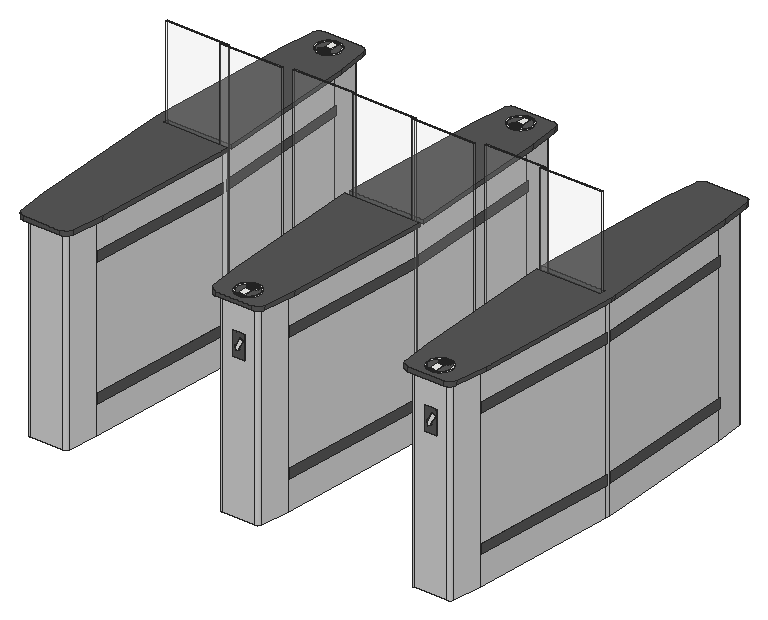
Revit family "ST-02", category Generic Models, Revit 2019
Family settings
  Can host rebar = No
  Round Connector Dimension = Use Diameter
  Part Type = Normal
  Work Plane-Based = No
  Always vertical = Yes
  Cut with Voids When Loaded = No
  Shared = No
  Room Calculation Point = No
Parameters (values of type "2 passes")
  Width6b [instance] = Width1 + Width2a + Width3a + Width4a + Width5a + Width6a  # 1964 mm
  Width6a [instance] = if(Number of passes fact > 5, Width6, 0 mm)  # 0 mm
  Width6 [instance] = if(and(Pass type 6 = Type1, Type s 6 = Sashtype1), 982 mm, if(and(Pass type 6 = Type1, or(Type s 6 = Sashtype2, Type s 6 = Sashtype3)), 1057 mm, 1432 mm))  # 982 mm
  Width5a [instance] = if(Number of passes fact > 4, Width5, 0 mm)  # 0 mm
  Width5 [instance] = if(and(Pass type 5 = Type1, and(Type s 5 = Sashtype1, Type s 6 = Sashtype1)), 982 mm, if(and(Pass type 5 = Type1, and(or(Type s 5 = Sashtype2, Type s 5 = Sashtype3), or(Type s 6 = Sashtype2, Type s 6 = Sashtype3))), 1132 mm, if(and(Pass type 5 = Type1, or(or(Type s 5 = Sashtype2, Type s 5 = Sashtype3), or(Type s 6 = Sashtype2, Type s 6 = Sashtype3))), 1057 mm, 1432 mm)))  # 982 mm
  Width4a [instance] = if(Number of passes fact > 3, Width4, 0 mm)  # 0 mm
  Width4 [instance] = if(and(Pass type 4 = Type1, and(Type s 4 = Sashtype1, Type s 5 = Sashtype1)), 982 mm, if(and(Pass type 4 = Type1, and(or(Type s 4 = Sashtype2, Type s 4 = Sashtype3), or(Type s 5 = Sashtype2, Type s 5 = Sashtype3))), 1132 mm, if(and(Pass type 4 = Type1, or(or(Type s 4 = Sashtype2, Type s 4 = Sashtype3), or(Type s 5 = Sashtype2, Type s 5 = Sashtype3))), 1057 mm, 1432 mm)))  # 982 mm
  Width3a [instance] = if(Number of passes fact > 2, Width3, 0 mm)  # 0 mm
  Width3 [instance] = if(and(Pass type 3 = Type1, and(Type s 3 = Sashtype1, Type s 4 = Sashtype1)), 982 mm, if(and(Pass type 3 = Type1, and(or(Type s 4 = Sashtype2, Type s 3 = Sashtype3), or(Type s 4 = Sashtype2, Type s 4 = Sashtype3))), 1132 mm, if(and(Pass type 3 = Type1, or(or(Type s 3 = Sashtype2, Type s 3 = Sashtype3), or(Type s 4 = Sashtype2, Type s 4 = Sashtype3))), 1057 mm, 1432 mm)))  # 982 mm
  Width2a [instance] = if(Number of passes fact > 1, Width2, 0 mm)  # 982 mm
  Width2 [instance] = if(and(Pass type 2 = Type1, and(Type s 2 = Sashtype1, Type s 3 = Sashtype1)), 982 mm, if(and(Pass type 2 = Type1, and(or(Type s 2 = Sashtype2, Type s 2 = Sashtype3), or(Type s 3 = Sashtype2, Type s 3 = Sashtype3))), 1132 mm, if(and(Pass type 2 = Type1, or(or(Type s 2 = Sashtype2, Type s 2 = Sashtype3), or(Type s 3 = Sashtype2, Type s 3 = Sashtype3))), 1057 mm, 1432 mm)))  # 982 mm
  Width1 [instance] = if(and(Pass type 1 = Type1, Type s 2 = Sashtype1), 982 mm, if(and(Pass type 1 = Type1, or(Type s 2 = Sashtype2, Type s 2 = Sashtype3)), 1057 mm, 1432 mm))  # 982 mm
  Sashtype3 [instance] = For 600 900  # Section Bilateral-STD02 600/900 : Section Bilateral-STD02 600/900
  Sashtype2s [instance] = Section Slave-ST02 900 : Section Slave-ST02 900
  Sashtype2m [instance] = Section Master-ST02 900 : Section Master-ST02 900
  Sashtype2 [instance] = Section Bilateral-STD02 900 : Section Bilateral-STD02 900
  Sashtype1s [instance] = Section Slave-ST02 600 : Section Slave-ST02 600
  Sashtype1m [instance] = Section Master-ST02 600 : Section Master-ST02 600
  Sashtype1 [instance] = Section Bilateral-STD02 600 : Section Bilateral-STD02 600
  Type s 77 [instance] = if(Sash type 6 = TypeS2, Sashtype2s, Sashtype1s)  # Section Slave-ST02 600 : Section Slave-ST02 600
  Type s 76 [instance] = if(Sash type 5 = TypeS2, Sashtype2s, Sashtype1s)  # Section Slave-ST02 600 : Section Slave-ST02 600
  Type s 75 [instance] = if(Sash type 4 = TypeS2, Sashtype2s, Sashtype1s)  # Section Slave-ST02 600 : Section Slave-ST02 600
  Type s 73 [instance] = if(Sash type 2 = TypeS2, Sashtype2s, Sashtype1s)  # Section Slave-ST02 600 : Section Slave-ST02 600
  Type s 74 [instance] = if(Sash type 3 = TypeS2, Sashtype2s, Sashtype1s)  # Section Slave-ST02 600 : Section Slave-ST02 600
  Type s 1 [instance] = if(Sash type 1 = TypeS2, Sashtype2m, Sashtype1m)  # Section Master-ST02 600 : Section Master-ST02 600
  Type s 72 [instance] = if(Sash type 1 = TypeS2, Sashtype2s, Sashtype1s)  # Section Slave-ST02 600 : Section Slave-ST02 600
  Type s 6 [instance] = if(and(Sash type 5 = TypeS2, Sash type 6 = TypeS2), Sashtype2, if(or(Sash type 5 = TypeS2, Sash type 6 = TypeS2), Sashtype3, Sashtype1))  # Section Bilateral-STD02 600 : Section Bilateral-STD02 600
  Type s 5 [instance] = if(and(Sash type 4 = TypeS2, Sash type 5 = TypeS2), Sashtype2, if(or(Sash type 4 = TypeS2, Sash type 5 = TypeS2), Sashtype3, Sashtype1))  # Section Bilateral-STD02 600 : Section Bilateral-STD02 600
  Type s 4 [instance] = if(and(Sash type 3 = TypeS2, Sash type 4 = TypeS2), Sashtype2, if(or(Sash type 3 = TypeS2, Sash type 4 = TypeS2), Sashtype3, Sashtype1))  # Section Bilateral-STD02 600 : Section Bilateral-STD02 600
  Type s 3 [instance] = if(and(Sash type 2 = TypeS2, Sash type 3 = TypeS2), Sashtype2, if(or(Sash type 2 = TypeS2, Sash type 3 = TypeS2), Sashtype3, Sashtype1))  # Section Bilateral-STD02 600 : Section Bilateral-STD02 600
  Type s 2 [instance] = if(and(Sash type 1 = TypeS2, Sash type 2 = TypeS2), Sashtype2, if(or(Sash type 1 = TypeS2, Sash type 2 = TypeS2), Sashtype3, Sashtype1))  # Section Bilateral-STD02 600 : Section Bilateral-STD02 600
  TypeS2 [instance] = Sash for ST-02 : Sash 470
  TypeS1 [instance] = Sash for ST-02 : Sash 320
  Type2 [instance] = Pass : Pass 900
  Type1 [instance] = Pass : Pass 600
  Sash type 6 [instance] = if(Pass type 6 = Type1, TypeS1, if(Pass type 6 = Type2, TypeS2, TypeS1))  # Sash for ST-02 : Sash 320
  Sash type 5 [instance] = if(Pass type 5 = Type1, TypeS1, if(Pass type 5 = Type2, TypeS2, TypeS1))  # Sash for ST-02 : Sash 320
  Sash type 4 [instance] = if(Pass type 4 = Type1, TypeS1, if(Pass type 4 = Type2, TypeS2, TypeS1))  # Sash for ST-02 : Sash 320
  Sash type 3 [instance] = if(Pass type 3 = Type1, TypeS1, if(Pass type 3 = Type2, TypeS2, TypeS1))  # Sash for ST-02 : Sash 320
  Sash type 2 [instance] = if(Pass type 2 = Type1, TypeS1, if(Pass type 2 = Type2, TypeS2, TypeS1))  # Sash for ST-02 : Sash 320
  Sash type 1 [instance] = if(Pass type 1 = Type1, TypeS1, if(Pass type 1 = Type2, TypeS2, TypeS1))  # Sash for ST-02 : Sash 320
  Voltage = 24 V
  URL = "https://www.perco.com/products/st-02-speed-gate-with-standard-sliding-panels.php"
  Throughput rate [instance] = if(Number of passes fact = 1, " to 60 persons/min", if(Number of passes fact = 2, " to 120 persons/min", if(Number of passes fact = 3, " to 180 persons/min", if(Number of passes fact = 4, " to 240 persons/min", if(Number of passes fact = 5, " to 300 persons/min", if(Number of passes fact = 6, " to 360 persons/min", "0"))))))  # " to 120 persons/min"
  Rated power = 160 W
  Pass type 6 [instance] = Pass : Pass 600
  Pass type 5 [instance] = Pass : Pass 600
  Pass type 4 [instance] = Pass : Pass 600
  Pass type 3 [instance] = Pass : Pass 600
  Pass type 2 [instance] = Pass : Pass 600
  Pass type 1 [instance] = Pass : Pass 600
  Last section type [instance] = if(Number of passes fact = 1, Type s 72, if(Number of passes fact = 2, Type s 73, if(Number of passes fact = 3, Type s 74, if(Number of passes fact = 4, Type s 75, if(Number of passes fact = 5, Type s 76, if(Number of passes fact = 6, Type s 77, Type s 77))))))  # Section Slave-ST02 600 : Section Slave-ST02 600
  Sash6 [instance] = if(or(Sash type 5 = TypeS2, Sash type 6 = TypeS2), TypeS2, TypeS1)  # Sash for ST-02 : Sash 320
  Sash5 [instance] = if(or(Sash type 4 = TypeS2, Sash type 5 = TypeS2), TypeS2, TypeS1)  # Sash for ST-02 : Sash 320
  Sash4 [instance] = if(or(Sash type 3 = TypeS2, Sash type 4 = TypeS2), TypeS2, TypeS1)  # Sash for ST-02 : Sash 320
  Sash3 [instance] = if(or(Sash type 2 = TypeS2, Sash type 3 = TypeS2), TypeS2, TypeS1)  # Sash for ST-02 : Sash 320
  Sash2 [instance] = if(or(Sash type 1 = TypeS2, Sash type 2 = TypeS2), TypeS2, TypeS1)  # Sash for ST-02 : Sash 320
  P7 [instance] = if(Type s 72 = Sashtype1s, 311 mm, 386 mm)  # 311 mm
  P6 [instance] = if(Type s 6 = Sashtype1, 311 mm, 386 mm)  # 311 mm
  P5 [instance] = if(Type s 5 = Sashtype1, 311 mm, 386 mm)  # 311 mm
  P4 [instance] = if(Type s 4 = Sashtype1, 311 mm, 386 mm)  # 311 mm
  P3 [instance] = if(Type s 3 = Sashtype1, 311 mm, 386 mm)  # 311 mm
  P2 [instance] = if(Type s 2 = Sashtype1, 311 mm, 386 mm)  # 311 mm
  P1 [instance] = if(Type s 1 = Sashtype1m, 311 mm, 386 mm)  # 311 mm
  Number of passes type = 2
  Number of passes fact [instance] = if(Number of passes type = 1, 1, if(Number of passes type = 2, 2, Number of passes))  # 2
  Number of passes [instance] = 3
  For 600 900 = Section Bilateral-STD02 600/900 : Section Bilateral-STD02 600/900
  Sh6 [instance] = Number of passes fact > 5  # no
  Sh5 [instance] = Number of passes fact > 4  # no
  Sh4 [instance] = Number of passes fact > 3  # no
  Sh3 [instance] = Number of passes fact > 2  # no
  Sh2 [instance] = Number of passes fact > 1  # yes
  Note = ""
  Name = "ST-02 Speed Gate"  # constant formula
  Manufacturer = "PERCo"  # constant formula
  Full name = "ST-02 Speed Gate"  # constant formula
Reference planes
  plane 1 "По центру (Вперед/Назад)": y = 0
  plane 2: z = 0
  plane 3 "По центру (Влево/Вправо)": x = 0
  plane 4: x = 982
  plane 5: x = 1964
  plane 6: x = 1964
  plane 7: x = 1964
  plane 8: x = 1964
  plane 9: x = 1964
  plane 10: x = 311
  plane 11: x = 671
  plane 12: x = 1293
  plane 13: x = 1653
  plane 14: x = 2275
  plane 15: x = 1653
  plane 16: x = 2275
  plane 17: x = 1653
  plane 18: x = 2275
  plane 19: x = 1653
  plane 20: x = 2275
  plane 21: x = 1653
  plane 22: x = 491
Lines and regions (mm)
  model lines
    curve 1: line (0, 0, 0) -> (0, 0, 180)
    curve 2: line (982, 0, 0) -> (982, 0, 180)
    curve 3: line (1964, 0, 0) -> (1964, 0, 180)
    curve 4: line (1964, 0, 0) -> (1964, 0, 180)
    curve 5: line (1964, 0, 0) -> (1964, 0, 180)
    curve 6: line (1964, 0, 0) -> (1964, 0, 180)
    curve 7: line (1964, 0, 0) -> (1964, 0, 180)
Dimensions and locks
  "P7": plane 9 to plane 21
  "Width1": plane 3 "По центру (Влево/Вправо)" to plane 4
  "Width2a": plane 4 to plane 5
  "Width3a": plane 5 to plane 6
  "Width4a": plane 6 to plane 7
  "Width5a": plane 7 to plane 8
  "Width6b": plane 3 "По центру (Влево/Вправо)" to plane 9
  "P1": plane 10 to plane 3 "По центру (Влево/Вправо)"
  "P3": plane 14 to plane 5 to plane 13
  "P4": plane 16 to plane 6 to plane 15
  "P5": plane 18 to plane 7 to plane 17
  "P6": plane 20 to plane 8 to plane 19
  "P2": plane 4 to plane 11
  "P2": plane 12 to plane 4
  equal spacing: plane 3 "По центру (Влево/Вправо)", plane 22, plane 4
  aligned and locked: level to plane 2
  aligned and locked: plane 3 "По центру (Влево/Вправо)" to nested 1
  aligned and locked: plane 4 to nested 2
  aligned and locked: plane 5 to nested 3
  aligned and locked: plane 6 to nested 4
  aligned and locked: plane 7 to nested 5
  aligned and locked: plane 8 to nested 6
  aligned and locked: plane 9 to nested 7
  aligned and locked: nested 8 to plane 10
  aligned and locked: plane 20 to nested 13
  aligned and locked: plane 18 to nested 12
  aligned and locked: plane 16 to nested 11
  aligned and locked: plane 21 to nested 15
  aligned and locked: plane 19 to nested 16
  aligned and locked: plane 17 to nested 17
  aligned and locked: plane 15 to nested 18
  aligned and locked: plane 13 to nested 19
  aligned and locked: plane 14 to nested 10
  aligned and locked: plane 11 to nested 14
  aligned and locked: plane 12 to nested 9
  aligned and locked: plane 3 "По центру (Влево/Вправо)" to curve 1
  aligned and locked: plane 4 to curve 2
  aligned and locked: plane 5 to curve 3
  aligned and locked: plane 6 to curve 4
  aligned and locked: plane 7 to curve 5
  aligned and locked: plane 8 to curve 6
  aligned and locked: plane 9 to curve 7
  aligned and locked: plane 22 to nested 20
Automatic sketch dimensions
  curve 1 to level = 0 mm
  curve 6 to level = 0 mm
  curve 2 to level = 0 mm
  curve 5 to level = 0 mm
  curve 3 to level = 0 mm
  curve 4 to level = 0 mm
  curve 7 to level = 0 mm
  level to curve 2 = 180 mm
  level to curve 5 = 180 mm
  level to curve 1 = 180 mm
  level to curve 6 = 180 mm
  level to curve 4 = 180 mm
  level to curve 3 = 180 mm
  level to curve 7 = 180 mm
Nested families
  nested 1: "Section Master-ST02 600" at (0, 0, 0), type <- "Type s 1", type "Section Master-ST02 600"
  nested 2: "Section Bilateral-STD02 600" at (982, 0, 0), visible <- "Sh2", type <- "Type s 2", type "Section Bilateral-STD02 600"
  nested 3: "Section Bilateral-STD02 600" at (1964, 0, 0), visible <- "Sh3", type <- "Type s 3", type "Section Bilateral-STD02 600"
  nested 4: "Section Bilateral-STD02 600" at (1964, 0, 0), visible <- "Sh4", type <- "Type s 4", type "Section Bilateral-STD02 600"
  nested 5: "Section Bilateral-STD02 600" at (1964, 0, 0), visible <- "Sh5", type <- "Type s 5", type "Section Bilateral-STD02 600"
  nested 6: "Section Bilateral-STD02 600" at (1964, 0, 0), visible <- "Sh6", type <- "Type s 6", type "Section Bilateral-STD02 600"
  nested 7: "Section Slave-ST02 600" at (1964, 0, 0), type <- "Last section type", type "Section Slave-ST02 600"
  nested 8: "Sash for ST-02" at (311, -10, 250), type <- "Sash type 1", type "Sash 320"
  nested 9: "Sash for ST-02" at (1293, -10, 250), visible <- "Sh2", type <- "Sash type 2", type "Sash 320"
  nested 10: "Sash for ST-02" at (2275, -10, 250), visible <- "Sh3", type <- "Sash type 3", type "Sash 320"
  nested 11: "Sash for ST-02" at (2275, -10, 250), visible <- "Sh4", type <- "Sash type 4", type "Sash 320"
  nested 12: "Sash for ST-02" at (2275, -10, 250), visible <- "Sh5", type <- "Sash type 5", type "Sash 320"
  nested 13: "Sash for ST-02" at (2275, -10, 250), visible <- "Sh6", type <- "Sash type 6", type "Sash 320"
  nested 14: "Sash for ST-02" at (671, 10, 250) x (-1, 0, 0) z (0, 0, 1), type <- "Sash type 1", type "Sash 320"
  nested 15: "Sash for ST-02" at (1653, 10, 250) x (-1, 0, 0) z (0, 0, 1), visible <- "Sh6", type <- "Sash type 6", type "Sash 320"
  nested 16: "Sash for ST-02" at (1653, 10, 250) x (-1, 0, 0) z (0, 0, 1), type <- "Sash type 5", visible <- "Sh5", type "Sash 320"
  nested 17: "Sash for ST-02" at (1653, 10, 250) x (-1, 0, 0) z (0, 0, 1), visible <- "Sh4", type <- "Sash type 4", type "Sash 320"
  nested 18: "Sash for ST-02" at (1653, 10, 250) x (-1, 0, 0) z (0, 0, 1), visible <- "Sh3", type <- "Sash type 3", type "Sash 320"
  nested 19: "Sash for ST-02" at (1653, 10, 250) x (-1, 0, 0) z (0, 0, 1), visible <- "Sh2", type <- "Sash type 2", type "Sash 320"
  nested 20: "Arrow" at (491, 840, 0), type "Arrow"
Connectors
  electrical at (0, 0, 0)
    settings: on curve 1, index 1, voltage 24 V, apparent load 204 VA, apparent load phase1 0 VA, apparent load phase2 0 VA, apparent load phase3 0 VA, power factor 1, load classification "Прочее", number of poles 1, system type 30, power factor state 1, is connector primary yes, connector utility no, sub classification motor no, connector description ""
  electrical at (982, 0, 0)
    settings: on curve 2, index 2, voltage 24 V, apparent load 204 VA, apparent load phase1 0 VA, apparent load phase2 0 VA, apparent load phase3 0 VA, power factor 1, load classification "Прочее", number of poles 1, system type 30, power factor state 1, is connector primary no, connector utility no, sub classification motor no, connector description ""
  electrical at (1964, 0, 0)
    settings: on curve 3, index 3, voltage 24 V, apparent load 204 VA, apparent load phase1 0 VA, apparent load phase2 0 VA, apparent load phase3 0 VA, power factor 1, load classification "Прочее", number of poles 1, system type 30, power factor state 1, is connector primary no, connector utility no, sub classification motor no, connector description ""
  electrical at (1964, 0, 0)
    settings: on curve 4, index 4, voltage 24 V, apparent load 204 VA, apparent load phase1 0 VA, apparent load phase2 0 VA, apparent load phase3 0 VA, power factor 1, load classification "Прочее", number of poles 1, system type 30, power factor state 1, is connector primary no, connector utility no, sub classification motor no, connector description ""
  electrical at (1964, 0, 0)
    settings: on curve 5, index 5, voltage 24 V, apparent load 204 VA, apparent load phase1 0 VA, apparent load phase2 0 VA, apparent load phase3 0 VA, power factor 1, load classification "Прочее", number of poles 1, system type 30, power factor state 1, is connector primary no, connector utility no, sub classification motor no, connector description ""
  electrical at (1964, 0, 0)
    settings: on curve 6, index 6, voltage 24 V, apparent load 204 VA, apparent load phase1 0 VA, apparent load phase2 0 VA, apparent load phase3 0 VA, power factor 1, load classification "Прочее", number of poles 1, system type 30, power factor state 1, is connector primary no, connector utility no, sub classification motor no, connector description ""
  electrical at (1964, 0, 0)
    settings: on curve 7, index 7, voltage 24 V, apparent load 204 VA, apparent load phase1 0 VA, apparent load phase2 0 VA, apparent load phase3 0 VA, power factor 1, load classification "Прочее", number of poles 1, system type 30, power factor state 1, is connector primary no, connector utility no, sub classification motor no, connector description ""
Definition of nested family "Section Master-ST02 600"
  Parameters (values of type "Section Master-ST02 600")
    Section width = 382 mm
    Bottom Width = Section width - 60 mm  # 322 mm
    Throughput rate = "60 persons/min"
    Operating temperature = "from +1°С to +50°С"
    Electrical connection = "220 V"
    Top [instance] = yes
    URL = "https://www.perco.com/products/st-02-speed-gate-with-standard-sliding-panels.php"
    Manufacturer = "PERCo"  # constant formula
    Dimensions = "1923×1364×1482 mm with 600 mm sliding panels"
    Current = "8,5 A"
    Rated power = "204 W"
    Operating voltage = "24 V DC"
    Name = "ST-02 Speed gate"
    Full name = "ST-02 Speed Gate"
    Material = "Sections – stainless steel.\r\nTop covers, sliding panels, filler panels – 10 mm tempered glass."
    Weight = "from 424 kg"
    Number = 1
    Unit of measurement = "pcs"
  Reference planes
    plane 1 "По центру (Вперед/Назад)": y = 0
    plane 2: z = 0
    plane 3 "По центру (Влево/Вправо)": x = 0
    plane 4: x = -191
    plane 5: x = 191
    plane 6: x = -161
    plane 7: x = 161
  Forms (mm)
    Extrusion 1, solid
      sketch origin (0, 0, 0) x (1, 0, 0) y (0, 1, 0)
        loop
          line (-83.166, -931.5) -> (83.166, -931.5)
          arc (83.166, -931.5) -> (96.374, -926.519) -> (103.002, -914.056) r 20
          arc (103.002, -914.056) -> (112.453, -837.397) -> (121.067, -760.641) r 7075.064
          line (121.067, -760.641) -> (-121.067, -760.641)
          arc (-121.067, -760.641) -> (-112.453, -837.397) -> (-103.002, -914.056) r 7075.064
          arc (-103.002, -914.056) -> (-96.374, -926.519) -> (-83.166, -931.5) r 20
        loop
          arc (-83.166, 931.5) -> (-96.374, 926.519) -> (-103.002, 914.056) r 20
          arc (-103.002, 914.056) -> (-112.453, 837.397) -> (-121.067, 760.641) r 7075.064
          line (-121.067, 760.641) -> (121.067, 760.641)
          arc (121.067, 760.641) -> (112.453, 837.397) -> (103.002, 914.056) r 7075.064
          arc (103.002, 914.056) -> (96.374, 926.519) -> (83.166, 931.5) r 20
          line (83.166, 931.5) -> (-83.166, 931.5)
      from 0 to 1000
    Extrusion 2, solid
      sketch origin (0, 0, 0) x (1, 0, 0) y (0, 1, 0)
        loop
          arc (-121.067, 760.641) -> (-151.01, 385.851) -> (-161, 10) r 7075.064
          line (-161, 10) -> (-161, -10)
          arc (-161, -10) -> (-151.01, -385.851) -> (-121.067, -760.641) r 7075.064
          line (-121.067, -760.641) -> (121.067, -760.641)
          arc (121.067, -760.641) -> (151.01, -385.851) -> (161, -10) r 7075.064
          line (161, -10) -> (161, 10)
          arc (161, 10) -> (151.01, 385.851) -> (121.067, 760.641) r 7075.064
          line (121.067, 760.641) -> (-121.067, 760.641)
      from 0 to 1000
    Extrusion 3, void
      sketch origin (0, 0, 0) x (1, 0, 0) y (0, 1, 0)
        loop
          line (-136, 15) -> (-136, -15) -> (191, -15) -> (191, 15) -> (-136, 15)
      from 250 to 1000
    Extrusion 4, solid
      sketch origin (0, 0, 0) x (1, 0, 0) y (0, 1, 0)
        loop
          line (-191, 10) -> (-191, -10)
          arc (-191, -10) -> (-180.967, -387.445) -> (-150.898, -763.824) r 7105.064
          arc (-150.898, -763.824) -> (-141.209, -849.678) -> (-130.477, -935.407) r 7105.064
          arc (-130.477, -935.407) -> (-115.816, -954.335) -> (-92.972, -961.5) r 40
          line (-92.972, -961.5) -> (91.955, -961.5)
          arc (91.955, -961.5) -> (118.351, -951.553) -> (131.62, -926.661) r 40
          arc (131.62, -926.661) -> (141.729, -845.298) -> (150.898, -763.824) r 7105.064
          arc (150.898, -763.824) -> (180.834, -389.941) -> (190.998, -15) r 7105.064
          line (190.998, -15) -> (-136, -15) -> (-136, 15) -> (190.998, 15)
          arc (190.998, 15) -> (180.834, 389.941) -> (150.898, 763.824) r 7105.064
          arc (150.898, 763.824) -> (141.729, 845.298) -> (131.62, 926.661) r 7105.064
          arc (131.62, 926.661) -> (118.351, 951.553) -> (91.955, 961.5) r 40
          line (91.955, 961.5) -> (-91.955, 961.5)
          arc (-91.955, 961.5) -> (-118.351, 951.553) -> (-131.62, 926.661) r 40
          arc (-131.62, 926.661) -> (-141.729, 845.298) -> (-150.898, 763.824) r 7105.064
          arc (-150.898, 763.824) -> (-180.967, 387.445) -> (-191, 10) r 7105.064
      from 1000 to 1021
    Extrusion 5, solid
      sketch origin (0, 0, 0) x (1, 0, 0) y (0, 1, 0)
        loop
          line (-121.067, 760.641) -> (-126.095, 760.641)
          arc (-126.095, 760.641) -> (-155.884, 388.347) -> (-165.998, 15) r 7080.064
          line (-165.998, 15) -> (-160.998, 15)
          arc (-160.998, 15) -> (-150.876, 388.347) -> (-121.067, 760.641) r 7075.064
        loop
          line (160.998, 15) -> (165.998, 15)
          arc (165.998, 15) -> (155.884, 388.347) -> (126.095, 760.641) r 7080.064
          line (126.095, 760.641) -> (121.067, 760.641)
          arc (121.067, 760.641) -> (150.876, 388.347) -> (160.998, 15) r 7075.064
        loop
          line (-160.998, -15) -> (-165.998, -15)
          arc (-165.998, -15) -> (-155.884, -388.347) -> (-126.095, -760.641) r 7080.064
          line (-126.095, -760.641) -> (-121.067, -760.641)
          arc (-121.067, -760.641) -> (-150.876, -388.347) -> (-160.998, -15) r 7075.064
        loop
          line (121.067, -760.641) -> (126.095, -760.641)
          arc (126.095, -760.641) -> (155.884, -388.347) -> (165.998, -15) r 7080.064
          line (165.998, -15) -> (160.998, -15)
          arc (160.998, -15) -> (150.876, -388.347) -> (121.067, -760.641) r 7075.064
      from 800 to 850
    Extrusion 6, solid
      sketch origin (0, 0, 0) x (1, 0, 0) y (0, 1, 0)
        loop
          line (-121.067, 760.641) -> (-126.095, 760.641)
          arc (-126.095, 760.641) -> (-155.884, 388.347) -> (-165.998, 15) r 7080.064
          line (-165.998, 15) -> (-160.998, 15)
          arc (-160.998, 15) -> (-150.876, 388.347) -> (-121.067, 760.641) r 7075.064
        loop
          line (160.998, 15) -> (165.998, 15)
          arc (165.998, 15) -> (155.884, 388.347) -> (126.095, 760.641) r 7080.064
          line (126.095, 760.641) -> (121.067, 760.641)
          arc (121.067, 760.641) -> (150.876, 388.347) -> (160.998, 15) r 7075.064
        loop
          line (-160.998, -15) -> (-165.998, -15)
          arc (-165.998, -15) -> (-155.884, -388.347) -> (-126.095, -760.641) r 7080.064
          line (-126.095, -760.641) -> (-121.067, -760.641)
          arc (-121.067, -760.641) -> (-150.876, -388.347) -> (-160.998, -15) r 7075.064
        loop
          line (121.067, -760.641) -> (126.095, -760.641)
          arc (126.095, -760.641) -> (155.884, -388.347) -> (165.998, -15) r 7080.064
          line (165.998, -15) -> (160.998, -15)
          arc (160.998, -15) -> (150.876, -388.347) -> (121.067, -760.641) r 7075.064
      from 150 to 200
    Extrusion 7, solid, visible <- "Top"
      sketch origin (0, 41.5, 0) x (1, 0, 0) y (0, 1, 0)
        loop
          circle (0, 830) r 60
        loop
          circle (0, 830) r 55
        loop
          line (0, 874.437) -> (-15, 874.437) -> (-15, 824.437) -> (15, 824.437) -> (15, 874.437) -> (0, 874.437)
        loop
          arc (-15, 814.437) -> (-17.035, 813.838) -> (-16.435, 811.803) r 1.5
          arc (-16.435, 811.803) -> (0, 807.617) -> (16.435, 811.803) r 34.358
          arc (16.435, 811.803) -> (17.035, 813.838) -> (15, 814.437) r 1.5
          arc (15, 814.437) -> (0, 810.617) -> (-15, 814.437) r 31.358
        loop
          arc (22.354, 805.884) -> (0.116, 797.617) -> (-22.178, 805.734) r 34.358
          arc (-22.178, 805.734) -> (-24.391, 805.819) -> (-24.306, 803.606) r 1.509
          arc (-24.306, 803.606) -> (0.116, 794.617) -> (24.481, 803.757) r 37.358
          arc (24.481, 803.757) -> (24.567, 805.969) -> (22.354, 805.884) r 1.509
        loop
          arc (30.638, 797.6) -> (30.266, 799.688) -> (28.178, 799.316) r 1.5
          arc (28.178, 799.316) -> (0, 784.617) -> (-28.178, 799.316) r 34.358
          arc (-28.178, 799.316) -> (-30.266, 799.688) -> (-30.638, 797.6) r 1.5
          arc (-30.638, 797.6) -> (0, 781.617) -> (30.638, 797.6) r 37.358
      from 1021 to 1022
    Extrusion 8, solid
      sketch origin (0, 41.5, 0) x (1, 0, 0) y (0, 0, 1)
        loop
          line (0, 855) -> (-30, 855) -> (-30, 735) -> (30, 735) -> (30, 855) -> (0, 855)
        loop
          line (16.618, 786.68) -> (-6.856, 830.828) -> (-15.685, 826.133) -> (-24.515, 821.438) -> (-1.041, 777.291) -> (-5.456, 774.943) -> (16.181, 766.202) -> (21.033, 789.028) -> (16.618, 786.68)
      from -891 to -890
    Extrusion 9, solid
      sketch origin (0, 41.5, 0) x (1, 0, 0) y (0, 0, 1)
        loop
          line (-15.685, 826.133) -> (-24.515, 821.438) -> (-1.041, 777.291) -> (-5.456, 774.943) -> (16.181, 766.202) -> (21.033, 789.028) -> (16.618, 786.68) -> (-6.856, 830.828) -> (-15.685, 826.133)
      from -891 to -890
  Cuts and joins
    Extrusion 3 cuts Extrusion 2
  Dimensions and locks
    equal spacing: plane 4, plane 3 "По центру (Влево/Вправо)", plane 5
    "Section width": plane 4 to plane 5
    equal spacing: plane 6, plane 3 "По центру (Влево/Вправо)", plane 7
    "Bottom Width": plane 6 to plane 7
    aligned and locked: level to plane 2
    aligned and locked: Extrusion 2 to plane 6
    aligned and locked: plane 7 to Extrusion 2
    aligned and locked: Extrusion 4 to plane 4
  Automatic sketch dimensions
    Extrusion 2 sketch curve to plane 6 = 0 mm
    Extrusion 2 sketch curve to plane 7 = 0 mm
    plane 1 "По центру (Вперед/Назад)" to Extrusion 2 sketch curve = 10 mm  (x2)
    Extrusion 2 sketch curve to plane 4 = 6723.064 mm
    Extrusion 2 sketch curve to plane 1 "По центру (Вперед/Назад)" = 10 mm  (x2)
    Extrusion 2 sketch curve to Extrusion 2 sketch curve = 0 mm
    plane 6 to Extrusion 2 sketch curve = 39.933 mm  (x2)
    Extrusion 2 sketch curve to plane 7 = 39.933 mm  (x2)
    Extrusion 3 sketch curve to plane 5 = 0 mm
    plane 6 to Extrusion 3 sketch curve = 25 mm
    plane 1 "По центру (Вперед/Назад)" to Extrusion 3 sketch curve = 15 mm
    Extrusion 3 sketch curve to plane 1 "По центру (Вперед/Назад)" = 15 mm
    Extrusion 5 sketch curve to Extrusion 5 sketch curve = 0 mm  (x11)
    Extrusion 5 sketch curve to plane 1 "По центру (Вперед/Назад)" = 10 mm  (x2)
    Extrusion 5 sketch curve to plane 4 = 6723.064 mm
    Extrusion 5 sketch curve to plane 6 = 4.998 mm  (x2)
    plane 6 to Extrusion 5 sketch curve = 0.002 mm  (x2)
    plane 6 to Extrusion 5 sketch curve = 34.905 mm  (x2)
    Extrusion 5 sketch curve to plane 7 = 39.933 mm  (x2)
    Extrusion 5 sketch curve to Extrusion 5 sketch curve = 5.028 mm  (x2)
    Extrusion 5 sketch curve to plane 7 = 0.002 mm  (x2)
    plane 1 "По центру (Вперед/Назад)" to Extrusion 5 sketch curve = 10 mm
    plane 5 to Extrusion 5 sketch curve = 6723.064 mm
    plane 1 "По центру (Вперед/Назад)" to Extrusion 5 sketch curve = 15 mm  (x2)
    Extrusion 5 sketch curve to plane 1 "По центру (Вперед/Назад)" = 15 mm  (x2)
    Extrusion 6 sketch curve to Extrusion 6 sketch curve = 0 mm  (x11)
    Extrusion 6 sketch curve to plane 1 "По центру (Вперед/Назад)" = 10 mm  (x2)
    Extrusion 6 sketch curve to plane 4 = 6723.064 mm
    Extrusion 6 sketch curve to plane 6 = 4.998 mm  (x2)
    plane 6 to Extrusion 6 sketch curve = 0.002 mm  (x2)
    plane 6 to Extrusion 6 sketch curve = 34.905 mm  (x2)
    Extrusion 6 sketch curve to plane 7 = 39.933 mm  (x2)
    Extrusion 6 sketch curve to Extrusion 6 sketch curve = 5.028 mm  (x2)
    Extrusion 6 sketch curve to plane 7 = 0.002 mm  (x2)
    plane 1 "По центру (Вперед/Назад)" to Extrusion 6 sketch curve = 10 mm
    plane 5 to Extrusion 6 sketch curve = 6723.064 mm
    plane 1 "По центру (Вперед/Назад)" to Extrusion 6 sketch curve = 15 mm  (x2)
    Extrusion 6 sketch curve to plane 1 "По центру (Вперед/Назад)" = 15 mm  (x2)
    Extrusion 7 sketch curve to Extrusion 7 sketch curve = 0 mm  (x22)
    Extrusion 7 sketch curve to plane 5 = 220.408 mm
    Extrusion 7 sketch curve to Extrusion 7 sketch curve = 6.084 mm
    Extrusion 7 sketch curve to Extrusion 7 sketch curve = 7.607 mm
    Extrusion 7 sketch curve to Extrusion 7 sketch curve = 0.718 mm  (x3)
    Extrusion 7 sketch curve to Extrusion 7 sketch curve = 15 mm  (x4)
    Extrusion 7 sketch curve to Extrusion 7 sketch curve = 7.782 mm
    Extrusion 7 sketch curve to Extrusion 7 sketch curve = 5.908 mm
    Extrusion 7 sketch curve to plane 1 "По центру (Вперед/Назад)" = 839.958 mm
    Extrusion 7 sketch curve to Extrusion 7 sketch curve = 6.294 mm
    Extrusion 7 sketch curve to Extrusion 7 sketch curve = 6.444 mm
    Extrusion 7 sketch curve to Extrusion 7 sketch curve = 8.218 mm
    Extrusion 7 sketch curve to Extrusion 7 sketch curve = 8.368 mm
    Extrusion 7 sketch curve to Extrusion 7 sketch curve = 5.855 mm
    Extrusion 7 sketch curve to Extrusion 7 sketch curve = 11.317 mm
    Extrusion 7 sketch curve to Extrusion 7 sketch curve = 11.025 mm
    Extrusion 7 sketch curve to Extrusion 7 sketch curve = 1.975 mm
    Extrusion 7 sketch curve to Extrusion 7 sketch curve = 10 mm
    Extrusion 7 sketch curve to Extrusion 7 sketch curve = 32.463 mm
    Extrusion 7 sketch curve to Extrusion 7 sketch curve = 1.23 mm
    Extrusion 7 sketch curve to Extrusion 7 sketch curve = 29.362 mm
    Extrusion 7 sketch curve to Extrusion 7 sketch curve = 0.982 mm
    Extrusion 7 sketch curve to Extrusion 7 sketch curve = 1.146 mm  (x2)
    Extrusion 8 sketch curve to plane 5 = 221 mm
    Extrusion 8 sketch curve to Extrusion 8 sketch curve = 5.485 mm
    Extrusion 8 sketch curve to Extrusion 8 sketch curve = 8.829 mm  (x2)
    Extrusion 8 sketch curve to Extrusion 8 sketch curve = 24.544 mm
    Extrusion 8 sketch curve to Extrusion 8 sketch curve = 4.415 mm  (x2)
    Extrusion 8 sketch curve to Extrusion 8 sketch curve = 6.856 mm
    Extrusion 8 sketch curve to Extrusion 8 sketch curve = 17.222 mm
    Extrusion 8 sketch curve to Extrusion 8 sketch curve = 17.659 mm
    Extrusion 8 sketch curve to Extrusion 8 sketch curve = 30 mm
    level to Extrusion 8 sketch curve = 735 mm
    Extrusion 8 sketch curve to Extrusion 8 sketch curve = 31.202 mm
    Extrusion 8 sketch curve to Extrusion 8 sketch curve = 8.742 mm
    Extrusion 8 sketch curve to Extrusion 8 sketch curve = 2.347 mm
    Extrusion 8 sketch curve to Extrusion 8 sketch curve = 9.389 mm
    Extrusion 8 sketch curve to Extrusion 8 sketch curve = 24.172 mm
    Extrusion 9 sketch curve to plane 5 = 215.515 mm
    Extrusion 9 sketch curve to Extrusion 9 sketch curve = 8.829 mm  (x2)
    Extrusion 9 sketch curve to Extrusion 9 sketch curve = 19.059 mm
    Extrusion 9 sketch curve to Extrusion 9 sketch curve = 4.415 mm  (x2)
    Extrusion 9 sketch curve to Extrusion 9 sketch curve = 17.222 mm
    Extrusion 9 sketch curve to Extrusion 9 sketch curve = 17.659 mm
    level to Extrusion 9 sketch curve = 766.202 mm
    Extrusion 9 sketch curve to Extrusion 9 sketch curve = 8.742 mm
    Extrusion 9 sketch curve to Extrusion 9 sketch curve = 2.347 mm
    Extrusion 9 sketch curve to Extrusion 9 sketch curve = 9.389 mm
    plane 1 "По центру (Вперед/Назад)" to Extrusion 1 sketch curve = 10 mm  (x2)
    Extrusion 1 sketch curve to plane 4 = 6723.064 mm
    Extrusion 1 sketch curve to plane 1 "По центру (Вперед/Назад)" = 10 mm  (x2)
    Extrusion 1 sketch curve to Extrusion 1 sketch curve = 0 mm  (x3)
    plane 6 to Extrusion 1 sketch curve = 39.933 mm  (x2)
    plane 6 to Extrusion 1 sketch curve = 77.834 mm  (x2)
    plane 3 "По центру (Влево/Вправо)" to Extrusion 1 sketch curve = 83.166 mm
    Extrusion 1 sketch curve to plane 7 = 77.834 mm
    Extrusion 1 sketch curve to plane 7 = 39.933 mm  (x2)
    plane 5 to Extrusion 1 sketch curve = 6723.064 mm
    plane 1 "По центру (Вперед/Назад)" to Extrusion 1 sketch curve = 760.641 mm
    Extrusion 1 sketch curve to Extrusion 1 sketch curve = 150.859 mm  (x3)
    Extrusion 1 sketch curve to Extrusion 1 sketch curve = 20 mm  (x2)
    Extrusion 1 sketch curve to plane 1 "По центру (Вперед/Назад)" = 760.641 mm
    Extrusion 4 sketch curve to Extrusion 4 sketch curve = 0 mm  (x12)
    Extrusion 4 sketch curve to plane 4 = 0 mm
    Extrusion 4 sketch curve to plane 1 "По центру (Вперед/Назад)" = 10 mm  (x2)
    Extrusion 4 sketch curve to plane 4 = 6723.064 mm
    plane 6 to Extrusion 4 sketch curve = 25 mm
    plane 6 to Extrusion 4 sketch curve = 68.028 mm
    plane 6 to Extrusion 4 sketch curve = 69.045 mm
    Extrusion 4 sketch curve to plane 7 = 69.045 mm  (x2)
    Extrusion 4 sketch curve to plane 5 = 0.002 mm  (x2)
    plane 1 "По центру (Вперед/Назад)" to Extrusion 4 sketch curve = 10 mm  (x2)
    plane 1 "По центру (Вперед/Назад)" to Extrusion 4 sketch curve = 15 mm
    Extrusion 4 sketch curve to Extrusion 4 sketch curve = 906.5 mm  (x2)
    Extrusion 4 sketch curve to Extrusion 4 sketch curve = 40 mm  (x2)
    Extrusion 4 sketch curve to plane 1 "По центру (Вперед/Назад)" = 15 mm
    plane 6 to Extrusion 4 sketch curve = 10.102 mm  (x2)
    Extrusion 4 sketch curve to Extrusion 4 sketch curve = 37.504 mm
    Extrusion 4 sketch curve to plane 7 = 10.102 mm  (x2)
    radius of Extrusion 7 sketch curve = 55 mm
  Nested families
    nested 1: "Sash for section" at (27.224, 0, 250), type "Sash 300"
  Definition of nested family "Sash for section"
    Parameters (values of type "Sash 300")
      Width = 320 mm
    Types (2, lengths in mm): name | Width
      Sash 470 | 470
      Sash 300 | 320
    Reference planes
      plane 1 "По центру (Вперед/Назад)": y = 0
      plane 2: z = 0
      plane 3 "По центру (Влево/Вправо)": x = 0
      plane 4: x = -160
      plane 5: x = 160
    Forms (mm)
      Extrusion 1, solid
        sketch origin (0, 0, 0) x (1, 0, 0) y (0, 0, 1)
          loop
            line (-160, 0) -> (160, 0) -> (160, 1232) -> (-160, 1232) -> (-160, 0)
        from -5 to 5
    Dimensions and locks
      "Width": plane 4 to plane 5
      locked: plane 4 to plane 3 "По центру (Влево/Вправо)" at 160
      aligned and locked: level to plane 2
    Automatic sketch dimensions
      plane 4 to Extrusion 1 sketch curve = 0 mm
      Extrusion 1 sketch curve to level = 0 mm
      plane 5 to Extrusion 1 sketch curve = 0 mm
      level to Extrusion 1 sketch curve = 1232 mm
Definition of nested family "Section Bilateral-STD02 600"
  Parameters (values of type "Section Bilateral-STD02 600")
    Weight = "from 424 kg"
    Unit of measurement = "pcs"
    URL = "https://www.perco.com/products/st-02-speed-gate-with-standard-sliding-panels.php"
    Top [instance] = yes
    Throughput rate = "60 persons/min"
    Section width = 382 mm
    Rated power = "204 W"
    Operating voltage = "24 V DC"
    Operating temperature = "from +1°С to +50°С"
    Number = 1
    Name = "ST-02 Speed gate"
    Material = "Sections – stainless steel.  \r\nTop covers, sliding panels, filler panels – 10 mm tempered glass."
    Manufacturer = "PERCo"  # constant formula
    Full name = "ST-02 Speed Gate"
    Electrical connection = "220 V"
    Dimensions = "1923×1364×1482 mm with 600 mm sliding panels"
    Current = "8.5 А"
    Bottom Width = Section width - 60 mm  # 322 mm
  Reference planes
    plane 1 "По центру (Вперед/Назад)": y = 0
    plane 2: z = 0
    plane 3 "По центру (Влево/Вправо)": x = 0
    plane 4: x = -191
    plane 5: x = 191
    plane 6: x = -161
    plane 7: x = 161
  Forms (mm)
    Extrusion 1, solid
      sketch origin (0, 0, 0) x (1, 0, 0) y (0, 1, 0)
        loop
          line (-83.166, -931.5) -> (83.166, -931.5)
          arc (83.166, -931.5) -> (96.374, -926.519) -> (103.002, -914.056) r 20
          arc (103.002, -914.056) -> (112.453, -837.397) -> (121.067, -760.641) r 7075.064
          line (121.067, -760.641) -> (-121.067, -760.641)
          arc (-121.067, -760.641) -> (-112.453, -837.397) -> (-103.002, -914.056) r 7075.064
          arc (-103.002, -914.056) -> (-96.374, -926.519) -> (-83.166, -931.5) r 20
        loop
          arc (-83.166, 931.5) -> (-96.374, 926.519) -> (-103.002, 914.056) r 20
          arc (-103.002, 914.056) -> (-112.453, 837.397) -> (-121.067, 760.641) r 7075.064
          line (-121.067, 760.641) -> (121.067, 760.641)
          arc (121.067, 760.641) -> (112.453, 837.397) -> (103.002, 914.056) r 7075.064
          arc (103.002, 914.056) -> (96.374, 926.519) -> (83.166, 931.5) r 20
          line (83.166, 931.5) -> (-83.166, 931.5)
      from 0 to 1000
    Extrusion 2, solid
      sketch origin (0, 0, 0) x (1, 0, 0) y (0, 1, 0)
        loop
          arc (-121.067, 760.641) -> (-151.01, 385.851) -> (-161, 10) r 7075.064
          line (-161, 10) -> (-161, -10)
          arc (-161, -10) -> (-151.01, -385.851) -> (-121.067, -760.641) r 7075.064
          line (-121.067, -760.641) -> (121.067, -760.641)
          arc (121.067, -760.641) -> (151.01, -385.851) -> (161, -10) r 7075.064
          line (161, -10) -> (161, 10)
          arc (161, 10) -> (151.01, 385.851) -> (121.067, 760.641) r 7075.064
          line (121.067, 760.641) -> (-121.067, 760.641)
      from 0 to 1000
    Extrusion 3, void
      sketch origin (0, 0, 0) x (1, 0, 0) y (0, 1, 0)
        loop
          line (-191, 15) -> (-191, -15) -> (191, -15) -> (191, 15) -> (-191, 15)
      from 250 to 1000
    Extrusion 4, solid
      sketch origin (0, 0, 0) x (1, 0, 0) y (0, 1, 0)
        loop
          line (-190.998, 15) -> (190.998, 15)
          arc (190.998, 15) -> (180.834, 389.941) -> (150.898, 763.824) r 7105.064
          arc (150.898, 763.824) -> (141.729, 845.298) -> (131.62, 926.661) r 7105.064
          arc (131.62, 926.661) -> (118.351, 951.553) -> (91.955, 961.5) r 40
          line (91.955, 961.5) -> (-91.955, 961.5)
          arc (-91.955, 961.5) -> (-118.351, 951.553) -> (-131.62, 926.661) r 40
          arc (-131.62, 926.661) -> (-141.729, 845.298) -> (-150.898, 763.824) r 7105.064
          arc (-150.898, 763.824) -> (-180.834, 389.941) -> (-190.998, 15) r 7105.064
        loop
          arc (-150.898, -763.824) -> (-141.729, -845.298) -> (-131.62, -926.661) r 7105.064
          arc (-131.62, -926.661) -> (-118.351, -951.553) -> (-91.955, -961.5) r 40
          line (-91.955, -961.5) -> (91.955, -961.5)
          arc (91.955, -961.5) -> (118.351, -951.553) -> (131.62, -926.661) r 40
          arc (131.62, -926.661) -> (141.729, -845.298) -> (150.898, -763.824) r 7105.064
          arc (150.898, -763.824) -> (180.834, -389.941) -> (190.998, -15) r 7105.064
          line (190.998, -15) -> (-190.998, -15)
          arc (-190.998, -15) -> (-180.834, -389.941) -> (-150.898, -763.824) r 7105.064
      from 1000 to 1021
    Extrusion 5, solid
      sketch origin (0, 0, 0) x (1, 0, 0) y (0, 1, 0)
        loop
          line (-121.067, 760.641) -> (-126.095, 760.641)
          arc (-126.095, 760.641) -> (-155.884, 388.347) -> (-165.998, 15) r 7080.064
          line (-165.998, 15) -> (-160.998, 15)
          arc (-160.998, 15) -> (-150.876, 388.347) -> (-121.067, 760.641) r 7075.064
        loop
          line (160.998, 15) -> (165.998, 15)
          arc (165.998, 15) -> (155.884, 388.347) -> (126.095, 760.641) r 7080.064
          line (126.095, 760.641) -> (121.067, 760.641)
          arc (121.067, 760.641) -> (150.876, 388.347) -> (160.998, 15) r 7075.064
        loop
          line (-160.998, -15) -> (-165.998, -15)
          arc (-165.998, -15) -> (-155.884, -388.347) -> (-126.095, -760.641) r 7080.064
          line (-126.095, -760.641) -> (-121.067, -760.641)
          arc (-121.067, -760.641) -> (-150.876, -388.347) -> (-160.998, -15) r 7075.064
        loop
          line (121.067, -760.641) -> (126.095, -760.641)
          arc (126.095, -760.641) -> (155.884, -388.347) -> (165.998, -15) r 7080.064
          line (165.998, -15) -> (160.998, -15)
          arc (160.998, -15) -> (150.876, -388.347) -> (121.067, -760.641) r 7075.064
      from 800 to 850
    Extrusion 6, solid
      sketch origin (0, 0, 0) x (1, 0, 0) y (0, 1, 0)
        loop
          line (-121.067, 760.641) -> (-126.095, 760.641)
          arc (-126.095, 760.641) -> (-155.884, 388.347) -> (-165.998, 15) r 7080.064
          line (-165.998, 15) -> (-160.998, 15)
          arc (-160.998, 15) -> (-150.876, 388.347) -> (-121.067, 760.641) r 7075.064
        loop
          line (160.998, 15) -> (165.998, 15)
          arc (165.998, 15) -> (155.884, 388.347) -> (126.095, 760.641) r 7080.064
          line (126.095, 760.641) -> (121.067, 760.641)
          arc (121.067, 760.641) -> (150.876, 388.347) -> (160.998, 15) r 7075.064
        loop
          line (-160.998, -15) -> (-165.998, -15)
          arc (-165.998, -15) -> (-155.884, -388.347) -> (-126.095, -760.641) r 7080.064
          line (-126.095, -760.641) -> (-121.067, -760.641)
          arc (-121.067, -760.641) -> (-150.876, -388.347) -> (-160.998, -15) r 7075.064
        loop
          line (121.067, -760.641) -> (126.095, -760.641)
          arc (126.095, -760.641) -> (155.884, -388.347) -> (165.998, -15) r 7080.064
          line (165.998, -15) -> (160.998, -15)
          arc (160.998, -15) -> (150.876, -388.347) -> (121.067, -760.641) r 7075.064
      from 150 to 200
    Extrusion 7, solid, visible <- "Top"
      sketch origin (0, 41.5, 0) x (1, 0, 0) y (0, 1, 0)
        loop
          circle (0, 830) r 60
        loop
          circle (0, 830) r 55
        loop
          line (0, 874.437) -> (-15, 874.437) -> (-15, 824.437) -> (15, 824.437) -> (15, 874.437) -> (0, 874.437)
        loop
          arc (-15, 814.437) -> (-17.035, 813.838) -> (-16.435, 811.803) r 1.5
          arc (-16.435, 811.803) -> (0, 807.617) -> (16.435, 811.803) r 34.358
          arc (16.435, 811.803) -> (17.035, 813.838) -> (15, 814.437) r 1.5
          arc (15, 814.437) -> (0, 810.617) -> (-15, 814.437) r 31.358
        loop
          arc (22.354, 805.884) -> (0.116, 797.617) -> (-22.178, 805.734) r 34.358
          arc (-22.178, 805.734) -> (-24.391, 805.819) -> (-24.306, 803.606) r 1.509
          arc (-24.306, 803.606) -> (0.116, 794.617) -> (24.481, 803.757) r 37.358
          arc (24.481, 803.757) -> (24.567, 805.969) -> (22.354, 805.884) r 1.509
        loop
          arc (30.638, 797.6) -> (30.266, 799.688) -> (28.178, 799.316) r 1.5
          arc (28.178, 799.316) -> (0, 784.617) -> (-28.178, 799.316) r 34.358
          arc (-28.178, 799.316) -> (-30.266, 799.688) -> (-30.638, 797.6) r 1.5
          arc (-30.638, 797.6) -> (0, 781.617) -> (30.638, 797.6) r 37.358
      from 1021 to 1022
    Extrusion 8, solid, visible <- "Top"
      sketch origin (0, -41.5, 0) x (1, 0, 0) y (0, 1, 0)
        loop
          circle (0, -830) r 60
        loop
          circle (0, -830) r 55
        loop
          line (0, -874.437) -> (15, -874.437) -> (15, -824.437) -> (-15, -824.437) -> (-15, -874.437) -> (0, -874.437)
        loop
          arc (-15, -814.437) -> (0, -810.617) -> (15, -814.437) r 31.358
          arc (15, -814.437) -> (17.035, -813.838) -> (16.435, -811.803) r 1.5
          arc (16.435, -811.803) -> (0, -807.617) -> (-16.435, -811.803) r 34.358
          arc (-16.435, -811.803) -> (-17.035, -813.838) -> (-15, -814.437) r 1.5
        loop
          arc (22.354, -805.884) -> (24.567, -805.969) -> (24.481, -803.757) r 1.509
          arc (24.481, -803.757) -> (0.116, -794.617) -> (-24.306, -803.606) r 37.358
          arc (-24.306, -803.606) -> (-24.391, -805.819) -> (-22.178, -805.734) r 1.509
          arc (-22.178, -805.734) -> (0.116, -797.617) -> (22.354, -805.884) r 34.358
        loop
          arc (30.638, -797.6) -> (0, -781.617) -> (-30.638, -797.6) r 37.358
          arc (-30.638, -797.6) -> (-30.266, -799.688) -> (-28.178, -799.316) r 1.5
          arc (-28.178, -799.316) -> (0, -784.617) -> (28.178, -799.316) r 34.358
          arc (28.178, -799.316) -> (30.266, -799.688) -> (30.638, -797.6) r 1.5
      from 1021 to 1022
    Extrusion 9, solid
      sketch origin (0, 41.5, 0) x (1, 0, 0) y (0, 0, 1)
        loop
          line (0, 855) -> (-30, 855) -> (-30, 735) -> (30, 735) -> (30, 855) -> (0, 855)
        loop
          line (16.618, 786.68) -> (-6.856, 830.828) -> (-15.685, 826.133) -> (-24.515, 821.438) -> (-1.041, 777.291) -> (-5.456, 774.943) -> (16.181, 766.202) -> (21.033, 789.028) -> (16.618, 786.68)
      from -891 to -890
    Extrusion 10, solid
      sketch origin (0, 41.5, 0) x (1, 0, 0) y (0, 0, 1)
        loop
          line (-15.685, 826.133) -> (-24.515, 821.438) -> (-1.041, 777.291) -> (-5.456, 774.943) -> (16.181, 766.202) -> (21.033, 789.028) -> (16.618, 786.68) -> (-6.856, 830.828) -> (-15.685, 826.133)
      from -891 to -890
    Extrusion 11, solid
      sketch origin (0, -41.5, 0) x (-1, 0, 0) y (0, 0, 1)
        loop
          line (0, 855) -> (-30, 855) -> (-30, 735) -> (30, 735) -> (30, 855) -> (0, 855)
        loop
          line (16.618, 786.68) -> (-6.856, 830.828) -> (-15.685, 826.133) -> (-24.515, 821.438) -> (-1.041, 777.291) -> (-5.456, 774.943) -> (16.181, 766.202) -> (21.033, 789.028) -> (16.618, 786.68)
      from -891 to -890
    Extrusion 12, solid
      sketch origin (0, -41.5, 0) x (-1, 0, 0) y (0, 0, 1)
        loop
          line (-15.685, 826.133) -> (-24.515, 821.438) -> (-1.041, 777.291) -> (-5.456, 774.943) -> (16.181, 766.202) -> (21.033, 789.028) -> (16.618, 786.68) -> (-6.856, 830.828) -> (-15.685, 826.133)
      from -891 to -890
  Cuts and joins
    Extrusion 3 cuts Extrusion 2
  Dimensions and locks
    equal spacing: plane 4, plane 3 "По центру (Влево/Вправо)", plane 5
    "Section width": plane 4 to plane 5
    equal spacing: plane 6, plane 3 "По центру (Влево/Вправо)", plane 7
    "Bottom Width": plane 6 to plane 7
    aligned and locked: level to plane 2
    aligned and locked: Extrusion 2 to plane 6
    aligned and locked: plane 7 to Extrusion 2
  Automatic sketch dimensions
    Extrusion 2 sketch curve to plane 6 = 0 mm
    Extrusion 2 sketch curve to plane 7 = 0 mm
    plane 1 "По центру (Вперед/Назад)" to Extrusion 2 sketch curve = 10 mm  (x2)
    Extrusion 2 sketch curve to plane 4 = 6723.064 mm
    Extrusion 2 sketch curve to plane 1 "По центру (Вперед/Назад)" = 10 mm  (x2)
    Extrusion 2 sketch curve to Extrusion 2 sketch curve = 0 mm
    plane 6 to Extrusion 2 sketch curve = 39.933 mm  (x2)
    Extrusion 2 sketch curve to plane 7 = 39.933 mm  (x2)
    Extrusion 3 sketch curve to plane 4 = 0 mm
    Extrusion 3 sketch curve to plane 5 = 0 mm
    plane 1 "По центру (Вперед/Назад)" to Extrusion 3 sketch curve = 15 mm
    Extrusion 3 sketch curve to plane 1 "По центру (Вперед/Назад)" = 15 mm
    Extrusion 5 sketch curve to Extrusion 5 sketch curve = 0 mm  (x11)
    Extrusion 5 sketch curve to plane 1 "По центру (Вперед/Назад)" = 10 mm  (x2)
    Extrusion 5 sketch curve to plane 4 = 6723.064 mm
    Extrusion 5 sketch curve to plane 6 = 4.998 mm  (x2)
    plane 6 to Extrusion 5 sketch curve = 0.002 mm  (x2)
    plane 6 to Extrusion 5 sketch curve = 34.905 mm  (x2)
    Extrusion 5 sketch curve to plane 7 = 39.933 mm  (x2)
    Extrusion 5 sketch curve to Extrusion 5 sketch curve = 5.028 mm  (x2)
    Extrusion 5 sketch curve to plane 7 = 0.002 mm  (x2)
    plane 1 "По центру (Вперед/Назад)" to Extrusion 5 sketch curve = 10 mm
    plane 5 to Extrusion 5 sketch curve = 6723.064 mm
    plane 1 "По центру (Вперед/Назад)" to Extrusion 5 sketch curve = 15 mm  (x2)
    Extrusion 5 sketch curve to plane 1 "По центру (Вперед/Назад)" = 15 mm  (x2)
    Extrusion 6 sketch curve to Extrusion 6 sketch curve = 0 mm  (x11)
    Extrusion 6 sketch curve to plane 1 "По центру (Вперед/Назад)" = 10 mm  (x2)
    Extrusion 6 sketch curve to plane 4 = 6723.064 mm
    Extrusion 6 sketch curve to plane 6 = 4.998 mm  (x2)
    plane 6 to Extrusion 6 sketch curve = 0.002 mm  (x2)
    plane 6 to Extrusion 6 sketch curve = 34.905 mm  (x2)
    Extrusion 6 sketch curve to plane 7 = 39.933 mm  (x2)
    Extrusion 6 sketch curve to Extrusion 6 sketch curve = 5.028 mm  (x2)
    Extrusion 6 sketch curve to plane 7 = 0.002 mm  (x2)
    plane 1 "По центру (Вперед/Назад)" to Extrusion 6 sketch curve = 10 mm
    plane 5 to Extrusion 6 sketch curve = 6723.064 mm
    plane 1 "По центру (Вперед/Назад)" to Extrusion 6 sketch curve = 15 mm  (x2)
    Extrusion 6 sketch curve to plane 1 "По центру (Вперед/Назад)" = 15 mm  (x2)
    Extrusion 7 sketch curve to Extrusion 7 sketch curve = 0 mm  (x20)
    Extrusion 7 sketch curve to plane 3 "По центру (Влево/Вправо)" = 0 mm  (x5)
    Extrusion 7 sketch curve to plane 3 "По центру (Влево/Вправо)" = 15 mm
    Extrusion 7 sketch curve to Extrusion 7 sketch curve = 0.718 mm  (x3)
    Extrusion 7 sketch curve to Extrusion 7 sketch curve = 7.607 mm
    Extrusion 7 sketch curve to Extrusion 7 sketch curve = 6.084 mm
    plane 3 "По центру (Влево/Вправо)" to Extrusion 7 sketch curve = 15 mm
    Extrusion 7 sketch curve to Extrusion 7 sketch curve = 7.782 mm
    Extrusion 7 sketch curve to Extrusion 7 sketch curve = 5.908 mm
    Extrusion 7 sketch curve to plane 1 "По центру (Вперед/Назад)" = 839.958 mm
    Extrusion 7 sketch curve to Extrusion 7 sketch curve = 6.294 mm
    Extrusion 7 sketch curve to Extrusion 7 sketch curve = 6.444 mm
    Extrusion 7 sketch curve to Extrusion 7 sketch curve = 8.218 mm
    Extrusion 7 sketch curve to Extrusion 7 sketch curve = 8.368 mm
    Extrusion 7 sketch curve to Extrusion 7 sketch curve = 5.855 mm
    Extrusion 7 sketch curve to Extrusion 7 sketch curve = 11.317 mm
    Extrusion 7 sketch curve to Extrusion 7 sketch curve = 11.025 mm
    Extrusion 7 sketch curve to Extrusion 7 sketch curve = 1.975 mm
    Extrusion 7 sketch curve to Extrusion 7 sketch curve = 10 mm
    Extrusion 7 sketch curve to Extrusion 7 sketch curve = 32.463 mm
    Extrusion 7 sketch curve to Extrusion 7 sketch curve = 1.146 mm  (x2)
    Extrusion 7 sketch curve to Extrusion 7 sketch curve = 0.982 mm
    Extrusion 7 sketch curve to Extrusion 7 sketch curve = 1.23 mm
    Extrusion 7 sketch curve to Extrusion 7 sketch curve = 29.362 mm
    Extrusion 8 sketch curve to Extrusion 8 sketch curve = 0 mm  (x19)
    Extrusion 8 sketch curve to plane 3 "По центру (Влево/Вправо)" = 0 mm  (x5)
    Extrusion 8 sketch curve to plane 3 "По центру (Влево/Вправо)" = 15 mm
    Extrusion 8 sketch curve to Extrusion 8 sketch curve = 0.718 mm  (x3)
    Extrusion 8 sketch curve to Extrusion 8 sketch curve = 7.607 mm
    Extrusion 8 sketch curve to Extrusion 8 sketch curve = 6.084 mm
    plane 3 "По центру (Влево/Вправо)" to Extrusion 8 sketch curve = 15 mm
    Extrusion 8 sketch curve to Extrusion 8 sketch curve = 7.782 mm
    Extrusion 8 sketch curve to Extrusion 8 sketch curve = 5.908 mm
    plane 1 "По центру (Вперед/Назад)" to Extrusion 8 sketch curve = 915.937 mm
    Extrusion 8 sketch curve to Extrusion 8 sketch curve = 32.463 mm
    Extrusion 8 sketch curve to Extrusion 8 sketch curve = 10 mm
    Extrusion 8 sketch curve to Extrusion 8 sketch curve = 1.975 mm
    Extrusion 8 sketch curve to Extrusion 8 sketch curve = 5.563 mm
    Extrusion 8 sketch curve to Extrusion 8 sketch curve = 11.025 mm
    Extrusion 8 sketch curve to Extrusion 8 sketch curve = 11.317 mm  (x2)
    Extrusion 8 sketch curve to Extrusion 8 sketch curve = 8.218 mm
    Extrusion 8 sketch curve to Extrusion 8 sketch curve = 8.368 mm
    Extrusion 8 sketch curve to Extrusion 8 sketch curve = 6.444 mm
    Extrusion 8 sketch curve to Extrusion 8 sketch curve = 6.294 mm
    Extrusion 8 sketch curve to Extrusion 8 sketch curve = 1.146 mm  (x2)
    Extrusion 8 sketch curve to Extrusion 8 sketch curve = 0.982 mm
    Extrusion 8 sketch curve to Extrusion 8 sketch curve = 1.23 mm
    Extrusion 8 sketch curve to Extrusion 8 sketch curve = 29.362 mm
    Extrusion 9 sketch curve to plane 3 "По центру (Влево/Вправо)" = 0 mm
    Extrusion 9 sketch curve to plane 3 "По центру (Влево/Вправо)" = 1.041 mm
    Extrusion 9 sketch curve to Extrusion 9 sketch curve = 4.415 mm  (x2)
    Extrusion 9 sketch curve to plane 3 "По центру (Влево/Вправо)" = 6.856 mm
    Extrusion 9 sketch curve to Extrusion 9 sketch curve = 8.829 mm  (x2)
    Extrusion 9 sketch curve to plane 3 "По центру (Влево/Вправо)" = 30 mm
    plane 3 "По центру (Влево/Вправо)" to Extrusion 9 sketch curve = 16.181 mm
    plane 3 "По центру (Влево/Вправо)" to Extrusion 9 sketch curve = 16.618 mm
    plane 3 "По центру (Влево/Вправо)" to Extrusion 9 sketch curve = 30 mm
    level to Extrusion 9 sketch curve = 735 mm
    Extrusion 9 sketch curve to Extrusion 9 sketch curve = 31.202 mm
    Extrusion 9 sketch curve to Extrusion 9 sketch curve = 8.742 mm
    Extrusion 9 sketch curve to Extrusion 9 sketch curve = 2.347 mm
    Extrusion 9 sketch curve to Extrusion 9 sketch curve = 9.389 mm
    Extrusion 9 sketch curve to Extrusion 9 sketch curve = 24.172 mm
    Extrusion 10 sketch curve to plane 3 "По центру (Влево/Вправо)" = 24.515 mm
    Extrusion 10 sketch curve to Extrusion 10 sketch curve = 8.829 mm
    Extrusion 10 sketch curve to plane 3 "По центру (Влево/Вправо)" = 6.856 mm
    Extrusion 10 sketch curve to plane 3 "По центру (Влево/Вправо)" = 5.456 mm
    Extrusion 10 sketch curve to plane 3 "По центру (Влево/Вправо)" = 1.041 mm
    plane 3 "По центру (Влево/Вправо)" to Extrusion 10 sketch curve = 16.181 mm
    plane 3 "По центру (Влево/Вправо)" to Extrusion 10 sketch curve = 16.618 mm
    Extrusion 10 sketch curve to Extrusion 10 sketch curve = 4.415 mm
    level to Extrusion 10 sketch curve = 766.202 mm
    Extrusion 10 sketch curve to Extrusion 10 sketch curve = 8.742 mm
    Extrusion 10 sketch curve to Extrusion 10 sketch curve = 2.347 mm
    Extrusion 10 sketch curve to Extrusion 10 sketch curve = 9.389 mm
    Extrusion 11 sketch curve to plane 3 "По центру (Влево/Вправо)" = 0 mm
    plane 3 "По центру (Влево/Вправо)" to Extrusion 11 sketch curve = 1.041 mm
    Extrusion 11 sketch curve to Extrusion 11 sketch curve = 4.415 mm  (x2)
    plane 3 "По центру (Влево/Вправо)" to Extrusion 11 sketch curve = 6.856 mm
    Extrusion 11 sketch curve to Extrusion 11 sketch curve = 8.829 mm  (x2)
    plane 3 "По центру (Влево/Вправо)" to Extrusion 11 sketch curve = 30 mm
    Extrusion 11 sketch curve to plane 3 "По центру (Влево/Вправо)" = 16.181 mm
    Extrusion 11 sketch curve to plane 3 "По центру (Влево/Вправо)" = 16.618 mm
    Extrusion 11 sketch curve to plane 3 "По центру (Влево/Вправо)" = 30 mm
    level to Extrusion 11 sketch curve = 735 mm
    Extrusion 11 sketch curve to Extrusion 11 sketch curve = 31.202 mm
    Extrusion 11 sketch curve to Extrusion 11 sketch curve = 8.742 mm
    Extrusion 11 sketch curve to Extrusion 11 sketch curve = 2.347 mm
    Extrusion 11 sketch curve to Extrusion 11 sketch curve = 9.389 mm
    Extrusion 11 sketch curve to Extrusion 11 sketch curve = 24.172 mm
    plane 3 "По центру (Влево/Вправо)" to Extrusion 12 sketch curve = 24.515 mm
    Extrusion 12 sketch curve to Extrusion 12 sketch curve = 8.829 mm
    plane 3 "По центру (Влево/Вправо)" to Extrusion 12 sketch curve = 6.856 mm
    plane 3 "По центру (Влево/Вправо)" to Extrusion 12 sketch curve = 5.456 mm
    plane 3 "По центру (Влево/Вправо)" to Extrusion 12 sketch curve = 1.041 mm
    Extrusion 12 sketch curve to plane 3 "По центру (Влево/Вправо)" = 16.181 mm
    Extrusion 12 sketch curve to plane 3 "По центру (Влево/Вправо)" = 16.618 mm
    Extrusion 12 sketch curve to Extrusion 12 sketch curve = 4.415 mm
    level to Extrusion 12 sketch curve = 766.202 mm
    Extrusion 12 sketch curve to Extrusion 12 sketch curve = 8.742 mm
    Extrusion 12 sketch curve to Extrusion 12 sketch curve = 2.347 mm
    Extrusion 12 sketch curve to Extrusion 12 sketch curve = 9.389 mm
    Extrusion 4 sketch curve to Extrusion 4 sketch curve = 0 mm  (x12)
    Extrusion 4 sketch curve to plane 1 "По центру (Вперед/Назад)" = 10 mm  (x2)
    Extrusion 4 sketch curve to plane 4 = 6723.064 mm
    plane 4 to Extrusion 4 sketch curve = 0.002 mm  (x2)
    plane 6 to Extrusion 4 sketch curve = 69.045 mm
    Extrusion 4 sketch curve to plane 3 "По центру (Влево/Вправо)" = 91.955 mm
    plane 3 "По центру (Влево/Вправо)" to Extrusion 4 sketch curve = 91.955 mm
    Extrusion 4 sketch curve to plane 7 = 69.045 mm
    Extrusion 4 sketch curve to plane 5 = 0.002 mm  (x2)
    plane 1 "По центру (Вперед/Назад)" to Extrusion 4 sketch curve = 10 mm  (x2)
    plane 5 to Extrusion 4 sketch curve = 6723.064 mm
    plane 1 "По центру (Вперед/Назад)" to Extrusion 4 sketch curve = 15 mm
    Extrusion 4 sketch curve to Extrusion 4 sketch curve = 906.5 mm  (x2)
